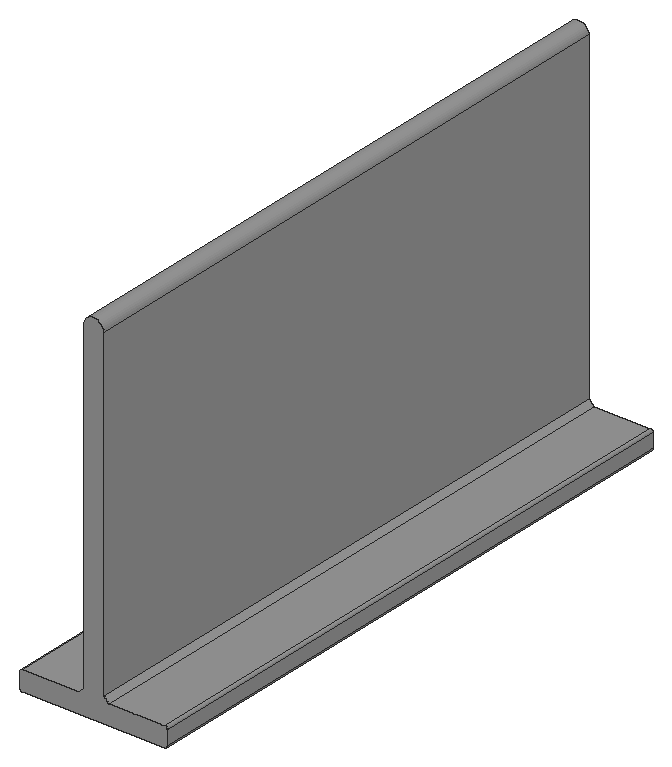
Revit family "ROTHOB_Rothoblaas_Plate_Alumini", category Structural Connections, host Face, Revit 2020 (continued)
Automatic sketch dimensions
  curve 370 to curve 369 = 0.00 mm
  curve 371 to curve 370 = 0.00 mm
  curve 372 to curve 371 = 0.00 mm
  curve 373 to curve 372 = 0.00 mm
  curve 373 to curve 361 = 7.50 mm
  curve 373 to curve 372 = 15.00 mm
  curve 361 to curve 360 = 15.00 mm
  curve 372 to curve 371 = 15.00 mm
  curve 360 to curve 359 = 15.00 mm
  curve 371 to curve 370 = 15.00 mm
  curve 359 to curve 358 = 15.00 mm
  curve 370 to curve 369 = 15.00 mm
  curve 358 to curve 357 = 15.00 mm
  curve 369 to curve 368 = 15.00 mm
  curve 357 to curve 356 = 15.00 mm
  curve 368 to curve 367 = 15.00 mm
  curve 356 to curve 355 = 15.00 mm
  curve 367 to curve 366 = 15.00 mm
  curve 355 to curve 354 = 15.00 mm
  curve 366 to curve 365 = 15.00 mm
  curve 354 to curve 353 = 15.00 mm
  curve 365 to curve 364 = 15.00 mm
  curve 353 to curve 352 = 15.00 mm
  curve 364 to curve 363 = 15.00 mm
  curve 352 to curve 351 = 15.00 mm
  curve 363 to curve 362 = 15.00 mm
  curve 183 to curve 182 = 0.00 mm
  curve 184 to curve 183 = 0.00 mm
  curve 185 to curve 184 = 0.00 mm
  curve 186 to curve 185 = 0.00 mm
  curve 187 to curve 186 = 0.00 mm
  curve 188 to curve 187 = 0.00 mm
  curve 189 to curve 188 = 0.00 mm
  curve 190 to curve 189 = 0.00 mm
  curve 191 to curve 190 = 0.00 mm
  curve 192 to curve 191 = 0.00 mm
  curve 192 to curve 191 = 15.00 mm
  curve 191 to curve 190 = 15.00 mm
  curve 190 to curve 189 = 15.00 mm
  curve 189 to curve 188 = 15.00 mm
  curve 188 to curve 187 = 15.00 mm
  curve 187 to curve 186 = 15.00 mm
  curve 186 to curve 185 = 15.00 mm
  curve 185 to curve 184 = 15.00 mm
  curve 184 to curve 183 = 15.00 mm
  curve 183 to curve 182 = 15.00 mm
  curve 194 to curve 193 = 0.00 mm
  curve 195 to curve 194 = 0.00 mm
  curve 196 to curve 195 = 0.00 mm
  curve 197 to curve 196 = 0.00 mm
  curve 198 to curve 197 = 0.00 mm
  curve 199 to curve 198 = 0.00 mm
  curve 200 to curve 199 = 0.00 mm
  curve 201 to curve 200 = 0.00 mm
  curve 202 to curve 201 = 0.00 mm
  curve 203 to curve 202 = 0.00 mm
  curve 204 to curve 203 = 0.00 mm
  curve 204 to curve 203 = 15.00 mm
  curve 203 to curve 202 = 15.00 mm
  curve 202 to curve 201 = 15.00 mm
  curve 201 to curve 200 = 15.00 mm
  curve 200 to curve 199 = 15.00 mm
  curve 199 to curve 198 = 15.00 mm
  curve 198 to curve 197 = 15.00 mm
  curve 197 to curve 196 = 15.00 mm
  curve 196 to curve 195 = 15.00 mm
  curve 195 to curve 194 = 15.00 mm
  curve 194 to curve 193 = 15.00 mm
  curve 375 to curve 374 = 0.00 mm
  curve 376 to curve 375 = 0.00 mm
  curve 377 to curve 376 = 0.00 mm
  curve 378 to curve 377 = 0.00 mm
  curve 379 to curve 378 = 0.00 mm
  curve 380 to curve 379 = 0.00 mm
  curve 381 to curve 380 = 0.00 mm
  curve 382 to curve 381 = 0.00 mm
  curve 383 to curve 382 = 0.00 mm
  curve 384 to curve 383 = 0.00 mm
  curve 374 to curve 385 = 25.00 mm
  curve 386 to curve 385 = 0.00 mm
  curve 387 to curve 386 = 0.00 mm
  curve 388 to curve 387 = 0.00 mm
  curve 389 to curve 388 = 0.00 mm
  curve 390 to curve 389 = 0.00 mm
  curve 391 to curve 390 = 0.00 mm
  curve 392 to curve 391 = 0.00 mm
  curve 393 to curve 392 = 0.00 mm
  curve 394 to curve 393 = 0.00 mm
  curve 395 to curve 394 = 0.00 mm
  curve 396 to curve 395 = 0.00 mm
  curve 396 to curve 384 = 7.50 mm
  curve 396 to curve 395 = 15.00 mm
  curve 384 to curve 383 = 15.00 mm
  curve 395 to curve 394 = 15.00 mm
  curve 383 to curve 382 = 15.00 mm
  curve 394 to curve 393 = 15.00 mm
  curve 382 to curve 381 = 15.00 mm
  curve 393 to curve 392 = 15.00 mm
  curve 381 to curve 380 = 15.00 mm
  curve 392 to curve 391 = 15.00 mm
  curve 380 to curve 379 = 15.00 mm
  curve 391 to curve 390 = 15.00 mm
  curve 379 to curve 378 = 15.00 mm
  curve 390 to curve 389 = 15.00 mm
  curve 378 to curve 377 = 15.00 mm
  curve 389 to curve 388 = 15.00 mm
  curve 377 to curve 376 = 15.00 mm
  curve 388 to curve 387 = 15.00 mm
  curve 376 to curve 375 = 15.00 mm
  curve 387 to curve 386 = 15.00 mm
  curve 375 to curve 374 = 15.00 mm
  curve 386 to curve 385 = 15.00 mm
  curve 129 to curve 128 = 0.00 mm
  curve 130 to curve 129 = 0.00 mm
  curve 131 to curve 130 = 0.00 mm
  curve 132 to curve 131 = 0.00 mm
  curve 133 to curve 132 = 0.00 mm
  curve 134 to curve 133 = 0.00 mm
  curve 135 to curve 134 = 0.00 mm
  curve 136 to curve 135 = 0.00 mm
  curve 137 to curve 136 = 0.00 mm
  curve 138 to curve 137 = 0.00 mm
  curve 139 to curve 138 = 0.00 mm
  curve 140 to curve 139 = 0.00 mm
  curve 140 to curve 139 = 15.00 mm
  curve 139 to curve 138 = 15.00 mm
  curve 138 to curve 137 = 15.00 mm
  curve 137 to curve 136 = 15.00 mm
  curve 136 to curve 135 = 15.00 mm
  curve 135 to curve 134 = 15.00 mm
  curve 134 to curve 133 = 15.00 mm
  curve 133 to curve 132 = 15.00 mm
  curve 132 to curve 131 = 15.00 mm
  curve 131 to curve 130 = 15.00 mm
  curve 130 to curve 129 = 15.00 mm
  curve 129 to curve 128 = 15.00 mm
  curve 142 to curve 141 = 0.00 mm
  curve 143 to curve 142 = 0.00 mm
  curve 144 to curve 143 = 0.00 mm
  curve 145 to curve 144 = 0.00 mm
  curve 146 to curve 145 = 0.00 mm
  curve 147 to curve 146 = 0.00 mm
  curve 148 to curve 147 = 0.00 mm
  curve 149 to curve 148 = 0.00 mm
  curve 150 to curve 149 = 0.00 mm
  curve 151 to curve 150 = 0.00 mm
  curve 152 to curve 151 = 0.00 mm
  curve 153 to curve 152 = 0.00 mm
  curve 154 to curve 153 = 0.00 mm
  curve 154 to curve 153 = 15.00 mm
  curve 153 to curve 152 = 15.00 mm
  curve 152 to curve 151 = 15.00 mm
  curve 151 to curve 150 = 15.00 mm
  curve 150 to curve 149 = 15.00 mm
  curve 149 to curve 148 = 15.00 mm
  curve 148 to curve 147 = 15.00 mm
  curve 147 to curve 146 = 15.00 mm
  curve 146 to curve 145 = 15.00 mm
  curve 145 to curve 144 = 15.00 mm
  curve 144 to curve 143 = 15.00 mm
  curve 143 to curve 142 = 15.00 mm
  curve 142 to curve 141 = 15.00 mm
  curve 398 to curve 397 = 0.00 mm
  curve 399 to curve 398 = 0.00 mm
  curve 400 to curve 399 = 0.00 mm
  curve 401 to curve 400 = 0.00 mm
  curve 402 to curve 401 = 0.00 mm
  curve 403 to curve 402 = 0.00 mm
  curve 404 to curve 403 = 0.00 mm
  curve 405 to curve 404 = 0.00 mm
  curve 406 to curve 405 = 0.00 mm
  curve 407 to curve 406 = 0.00 mm
  curve 408 to curve 407 = 0.00 mm
  curve 409 to curve 408 = 0.00 mm
  curve 397 to curve 410 = 25.00 mm
  curve 411 to curve 410 = 0.00 mm
  curve 412 to curve 411 = 0.00 mm
  curve 413 to curve 412 = 0.00 mm
  curve 414 to curve 413 = 0.00 mm
  curve 415 to curve 414 = 0.00 mm
  curve 416 to curve 415 = 0.00 mm
  curve 417 to curve 416 = 0.00 mm
  curve 418 to curve 417 = 0.00 mm
  curve 419 to curve 418 = 0.00 mm
  curve 420 to curve 419 = 0.00 mm
  curve 421 to curve 420 = 0.00 mm
  curve 422 to curve 421 = 0.00 mm
  curve 423 to curve 422 = 0.00 mm
  curve 423 to curve 409 = 7.50 mm
  curve 423 to curve 422 = 15.00 mm
  curve 409 to curve 408 = 15.00 mm
  curve 422 to curve 421 = 15.00 mm
  curve 408 to curve 407 = 15.00 mm
  curve 421 to curve 420 = 15.00 mm
  curve 407 to curve 406 = 15.00 mm
  curve 420 to curve 419 = 15.00 mm
  curve 406 to curve 405 = 15.00 mm
  curve 419 to curve 418 = 15.00 mm
  curve 405 to curve 404 = 15.00 mm
  curve 418 to curve 417 = 15.00 mm
  curve 404 to curve 403 = 15.00 mm
  curve 417 to curve 416 = 15.00 mm
  curve 403 to curve 402 = 15.00 mm
  curve 416 to curve 415 = 15.00 mm
  curve 402 to curve 401 = 15.00 mm
  curve 415 to curve 414 = 15.00 mm
  curve 401 to curve 400 = 15.00 mm
  curve 414 to curve 413 = 15.00 mm
  curve 400 to curve 399 = 15.00 mm
  curve 413 to curve 412 = 15.00 mm
  curve 399 to curve 398 = 15.00 mm
  curve 412 to curve 411 = 15.00 mm
  curve 398 to curve 397 = 15.00 mm
  curve 411 to curve 410 = 15.00 mm
  curve 156 to curve 155 = 0.00 mm
  curve 157 to curve 156 = 0.00 mm
  curve 158 to curve 157 = 0.00 mm
  curve 159 to curve 158 = 0.00 mm
  curve 160 to curve 159 = 0.00 mm
  curve 161 to curve 160 = 0.00 mm
  curve 162 to curve 161 = 0.00 mm
  curve 163 to curve 162 = 0.00 mm
  curve 164 to curve 163 = 0.00 mm
  curve 165 to curve 164 = 0.00 mm
  curve 166 to curve 165 = 0.00 mm
  curve 167 to curve 166 = 0.00 mm
  curve 167 to curve 166 = 15.00 mm
  curve 166 to curve 165 = 15.00 mm
  curve 165 to curve 164 = 15.00 mm
  curve 164 to curve 163 = 15.00 mm
  curve 163 to curve 162 = 15.00 mm
  curve 162 to curve 161 = 15.00 mm
  curve 161 to curve 160 = 15.00 mm
  curve 160 to curve 159 = 15.00 mm
  curve 159 to curve 158 = 15.00 mm
  curve 158 to curve 157 = 15.00 mm
  curve 157 to curve 156 = 15.00 mm
  curve 156 to curve 155 = 15.00 mm
  curve 169 to curve 168 = 0.00 mm
  curve 170 to curve 169 = 0.00 mm
  curve 171 to curve 170 = 0.00 mm
  curve 172 to curve 171 = 0.00 mm
  curve 173 to curve 172 = 0.00 mm
  curve 174 to curve 173 = 0.00 mm
  curve 175 to curve 174 = 0.00 mm
  curve 176 to curve 175 = 0.00 mm
  curve 177 to curve 176 = 0.00 mm
  curve 178 to curve 177 = 0.00 mm
  curve 179 to curve 178 = 0.00 mm
  curve 180 to curve 179 = 0.00 mm
  curve 181 to curve 180 = 0.00 mm
  curve 181 to curve 180 = 15.00 mm
  curve 180 to curve 179 = 15.00 mm
  curve 179 to curve 178 = 15.00 mm
  curve 178 to curve 177 = 15.00 mm
  curve 177 to curve 176 = 15.00 mm
  curve 176 to curve 175 = 15.00 mm
  curve 175 to curve 174 = 15.00 mm
  curve 174 to curve 173 = 15.00 mm
  curve 173 to curve 172 = 15.00 mm
  curve 172 to curve 171 = 15.00 mm
  curve 171 to curve 170 = 15.00 mm
  curve 170 to curve 169 = 15.00 mm
  curve 169 to curve 168 = 15.00 mm
  curve 425 to curve 424 = 0.00 mm
  curve 426 to curve 425 = 0.00 mm
  curve 427 to curve 426 = 0.00 mm
  curve 428 to curve 427 = 0.00 mm
  curve 429 to curve 428 = 0.00 mm
  curve 430 to curve 429 = 0.00 mm
  curve 431 to curve 430 = 0.00 mm
  curve 432 to curve 431 = 0.00 mm
  curve 433 to curve 432 = 0.00 mm
  curve 434 to curve 433 = 0.00 mm
  curve 435 to curve 434 = 0.00 mm
  curve 436 to curve 435 = 0.00 mm
  curve 424 to curve 437 = 25.00 mm
  curve 438 to curve 437 = 0.00 mm
  curve 439 to curve 438 = 0.00 mm
  curve 440 to curve 439 = 0.00 mm
  curve 441 to curve 440 = 0.00 mm
  curve 442 to curve 441 = 0.00 mm
  curve 443 to curve 442 = 0.00 mm
  curve 444 to curve 443 = 0.00 mm
  curve 445 to curve 444 = 0.00 mm
  curve 446 to curve 445 = 0.00 mm
  curve 447 to curve 446 = 0.00 mm
  curve 448 to curve 447 = 0.00 mm
  curve 449 to curve 448 = 0.00 mm
  curve 450 to curve 449 = 0.00 mm
  curve 450 to curve 436 = 7.50 mm
  curve 450 to curve 449 = 15.00 mm
  curve 436 to curve 435 = 15.00 mm
  curve 449 to curve 448 = 15.00 mm
  curve 435 to curve 434 = 15.00 mm
  curve 448 to curve 447 = 15.00 mm
  curve 434 to curve 433 = 15.00 mm
  curve 447 to curve 446 = 15.00 mm
  curve 433 to curve 432 = 15.00 mm
  curve 446 to curve 445 = 15.00 mm
  curve 432 to curve 431 = 15.00 mm
  curve 445 to curve 444 = 15.00 mm
  curve 431 to curve 430 = 15.00 mm
  curve 444 to curve 443 = 15.00 mm
  curve 430 to curve 429 = 15.00 mm
  curve 443 to curve 442 = 15.00 mm
  curve 429 to curve 428 = 15.00 mm
  curve 442 to curve 441 = 15.00 mm
  curve 428 to curve 427 = 15.00 mm
  curve 441 to curve 440 = 15.00 mm
  curve 427 to curve 426 = 15.00 mm
  curve 440 to curve 439 = 15.00 mm
  curve 426 to curve 425 = 15.00 mm
  curve 439 to curve 438 = 15.00 mm
  curve 425 to curve 424 = 15.00 mm
  curve 438 to curve 437 = 15.00 mm
  curve 240 to plane 10 = 0.00 mm
  curve 240 to plane 11 = 0.00 mm
  plane 8 to curve 240 = 0.006 mm
  curve 243 to Extrusion 1 = 0.00 mm  (x3)
  curve 242 to Extrusion 1 = 0.00 mm  (x2)
  Extrusion 1 to curve 242 = 0.00 mm
  curve 216 to Extrusion 1 = 0.00 mm
  curve 218 to Extrusion 1 = 0.00 mm  (x2)
  Extrusion 1 to curve 209 = 0.00 mm
  curve 207 to Extrusion 1 = 0.00 mm
  curve 215 to curve 216 = 0.80 mm
  curve 212 to curve 212 = 0.80 mm
  Extrusion 1 to curve 245 = 3.00 mm
  Extrusion 1 to curve 220 = 0.00 mm
  curve 230 to Extrusion 1 = 0.00 mm  (x3)
  curve 220 to Extrusion 1 = 0.00 mm
  curve 224 to Extrusion 1 = 0.80 mm
  curve 228 to curve 227 = 0.80 mm
  curve 244 to curve 232 = 0.00 mm
  curve 246 to plane 3 "Centro (Sinistra/Destra)" = 0.00 mm
  curve 246 to plane 10 = 0.00 mm
  curve 234 to plane 10 = 0.00 mm
  curve 233 to plane 10 = 0.00 mm
  plane 11 to curve 246 = 0.00 mm
  plane 11 to curve 234 = 0.00 mm
  plane 11 to curve 233 = 0.00 mm
  curve 236 to Extrusion 1 = 0.00 mm  (x2)
  Extrusion 1 to curve 235 = 0.00 mm
  curve 235 to Extrusion 1 = 0.00 mm
  curve 238 to Extrusion 1 = 0.00 mm
  curve 237 to Extrusion 1 = 0.00 mm  (x2)
  Extrusion 1 to curve 238 = 0.00 mm
  curve 239 to Extrusion 1 = 0.00 mm  (x3)
  curve 241 to Extrusion 1 = 0.00 mm  (x3)
  radius of curve 1 = 3.50 mm
  radius of curve 3 = 3.50 mm
  radius of curve 4 = 3.50 mm
  radius of curve 2 = 3.50 mm
  radius of curve 5 = 3.50 mm
  radius of curve 6 = 3.50 mm
  radius of curve 7 = 3.50 mm
  radius of curve 247 = 3.50 mm
  radius of curve 248 = 3.50 mm
  radius of curve 249 = 3.50 mm
  radius of curve 250 = 3.50 mm
  radius of curve 251 = 3.50 mm
  radius of curve 252 = 3.50 mm
  radius of curve 253 = 3.50 mm
  radius of curve 8 = 3.50 mm
  radius of curve 10 = 3.50 mm
  radius of curve 11 = 3.50 mm
  radius of curve 9 = 3.50 mm
  radius of curve 12 = 3.50 mm
  radius of curve 13 = 3.50 mm
  radius of curve 14 = 3.50 mm
  radius of curve 254 = 3.50 mm
  radius of curve 255 = 3.50 mm
  radius of curve 256 = 3.50 mm
  radius of curve 257 = 3.50 mm
  radius of curve 258 = 3.50 mm
  radius of curve 259 = 3.50 mm
  radius of curve 260 = 3.50 mm
  radius of curve 15 = 3.50 mm
  radius of curve 16 = 3.50 mm
  radius of curve 17 = 3.50 mm
  radius of curve 18 = 3.50 mm
  radius of curve 19 = 3.50 mm
  radius of curve 20 = 3.50 mm
  radius of curve 21 = 3.50 mm
  radius of curve 22 = 3.50 mm
  radius of curve 23 = 3.50 mm
  radius of curve 24 = 3.50 mm
  radius of curve 25 = 3.50 mm
  radius of curve 261 = 3.50 mm
  radius of curve 262 = 3.50 mm
  radius of curve 263 = 3.50 mm
  radius of curve 264 = 3.50 mm
  radius of curve 265 = 3.50 mm
  radius of curve 266 = 3.50 mm
  radius of curve 267 = 3.50 mm
  radius of curve 268 = 3.50 mm
  radius of curve 269 = 3.50 mm
  radius of curve 270 = 3.50 mm
  radius of curve 271 = 3.50 mm
  radius of curve 26 = 3.50 mm
  radius of curve 27 = 3.50 mm
  radius of curve 28 = 3.50 mm
  radius of curve 29 = 3.50 mm
  radius of curve 30 = 3.50 mm
  radius of curve 31 = 3.50 mm
  radius of curve 32 = 3.50 mm
  radius of curve 33 = 3.50 mm
  radius of curve 34 = 3.50 mm
  radius of curve 35 = 3.50 mm
  radius of curve 36 = 3.50 mm
  radius of curve 272 = 3.50 mm
  radius of curve 273 = 3.50 mm
  radius of curve 274 = 3.50 mm
  radius of curve 275 = 3.50 mm
  radius of curve 276 = 3.50 mm
  radius of curve 277 = 3.50 mm
  radius of curve 278 = 3.50 mm
  radius of curve 279 = 3.50 mm
  radius of curve 280 = 3.50 mm
  radius of curve 281 = 3.50 mm
  radius of curve 282 = 3.50 mm
  radius of curve 37 = 3.50 mm
  radius of curve 38 = 3.50 mm
  radius of curve 39 = 3.50 mm
  radius of curve 40 = 3.50 mm
  radius of curve 41 = 3.50 mm
  radius of curve 42 = 3.50 mm
  radius of curve 43 = 3.50 mm
  radius of curve 44 = 3.50 mm
  radius of curve 45 = 3.50 mm
  radius of curve 46 = 3.50 mm
  radius of curve 47 = 3.50 mm
  radius of curve 48 = 3.50 mm
  radius of curve 49 = 3.50 mm
  radius of curve 50 = 3.50 mm
  radius of curve 51 = 3.50 mm
  radius of curve 283 = 3.50 mm
  radius of curve 284 = 3.50 mm
  radius of curve 285 = 3.50 mm
  radius of curve 286 = 3.50 mm
  radius of curve 287 = 3.50 mm
  radius of curve 288 = 3.50 mm
  radius of curve 289 = 3.50 mm
  radius of curve 290 = 3.50 mm
  radius of curve 291 = 3.50 mm
  radius of curve 292 = 3.50 mm
  radius of curve 293 = 3.50 mm
  radius of curve 294 = 3.50 mm
  radius of curve 295 = 3.50 mm
  radius of curve 296 = 3.50 mm
  radius of curve 297 = 3.50 mm
  radius of curve 52 = 3.50 mm
  radius of curve 53 = 3.50 mm
  radius of curve 54 = 3.50 mm
  radius of curve 55 = 3.50 mm
  radius of curve 56 = 3.50 mm
  radius of curve 57 = 3.50 mm
  radius of curve 58 = 3.50 mm
  radius of curve 59 = 3.50 mm
  radius of curve 60 = 3.50 mm
  radius of curve 61 = 3.50 mm
  radius of curve 62 = 3.50 mm
  radius of curve 63 = 3.50 mm
  radius of curve 64 = 3.50 mm
  radius of curve 65 = 3.50 mm
  radius of curve 66 = 3.50 mm
  radius of curve 298 = 3.50 mm
  radius of curve 299 = 3.50 mm
  radius of curve 300 = 3.50 mm
  radius of curve 301 = 3.50 mm
  radius of curve 302 = 3.50 mm
  radius of curve 303 = 3.50 mm
  radius of curve 304 = 3.50 mm
  radius of curve 305 = 3.50 mm
  radius of curve 306 = 3.50 mm
  radius of curve 307 = 3.50 mm
  radius of curve 308 = 3.50 mm
  radius of curve 309 = 3.50 mm
  radius of curve 310 = 3.50 mm
  radius of curve 311 = 3.50 mm
  radius of curve 312 = 3.50 mm
  radius of curve 67 = 3.50 mm
  radius of curve 68 = 3.50 mm
  radius of curve 69 = 3.50 mm
  radius of curve 70 = 3.50 mm
  radius of curve 71 = 3.50 mm
  radius of curve 72 = 3.50 mm
  radius of curve 73 = 3.50 mm
  radius of curve 74 = 3.50 mm
  radius of curve 75 = 3.50 mm
  radius of curve 76 = 3.50 mm
  radius of curve 77 = 3.50 mm
  radius of curve 78 = 3.50 mm
  radius of curve 79 = 3.50 mm
  radius of curve 80 = 3.50 mm
  radius of curve 81 = 3.50 mm
  radius of curve 82 = 3.50 mm
  radius of curve 83 = 3.50 mm
  radius of curve 84 = 3.50 mm
  radius of curve 85 = 3.50 mm
  radius of curve 313 = 3.50 mm
  radius of curve 314 = 3.50 mm
  radius of curve 315 = 3.50 mm
  radius of curve 316 = 3.50 mm
  radius of curve 317 = 3.50 mm
  radius of curve 318 = 3.50 mm
  radius of curve 319 = 3.50 mm
  radius of curve 320 = 3.50 mm
  radius of curve 321 = 3.50 mm
  radius of curve 322 = 3.50 mm
  radius of curve 323 = 3.50 mm
  radius of curve 324 = 3.50 mm
  radius of curve 325 = 3.50 mm
  radius of curve 326 = 3.50 mm
  radius of curve 327 = 3.50 mm
  radius of curve 328 = 3.50 mm
  radius of curve 329 = 3.50 mm
  radius of curve 330 = 3.50 mm
  radius of curve 331 = 3.50 mm
  radius of curve 86 = 3.50 mm
  radius of curve 87 = 3.50 mm
  radius of curve 88 = 3.50 mm
  radius of curve 89 = 3.50 mm
  radius of curve 90 = 3.50 mm
  radius of curve 91 = 3.50 mm
  radius of curve 92 = 3.50 mm
  radius of curve 93 = 3.50 mm
  radius of curve 94 = 3.50 mm
  radius of curve 95 = 3.50 mm
  radius of curve 96 = 3.50 mm
  radius of curve 97 = 3.50 mm
  radius of curve 98 = 3.50 mm
  radius of curve 99 = 3.50 mm
  radius of curve 100 = 3.50 mm
  radius of curve 101 = 3.50 mm
  radius of curve 102 = 3.50 mm
  radius of curve 103 = 3.50 mm
  radius of curve 104 = 3.50 mm
  radius of curve 332 = 3.50 mm
  radius of curve 333 = 3.50 mm
  radius of curve 334 = 3.50 mm
  radius of curve 335 = 3.50 mm
  radius of curve 336 = 3.50 mm
  radius of curve 337 = 3.50 mm
  radius of curve 338 = 3.50 mm
  radius of curve 339 = 3.50 mm
  radius of curve 340 = 3.50 mm
  radius of curve 341 = 3.50 mm
  radius of curve 342 = 3.50 mm
  radius of curve 343 = 3.50 mm
  radius of curve 344 = 3.50 mm
  radius of curve 345 = 3.50 mm
  radius of curve 346 = 3.50 mm
  radius of curve 347 = 3.50 mm
  radius of curve 348 = 3.50 mm
  radius of curve 349 = 3.50 mm
  radius of curve 350 = 3.50 mm
  radius of curve 105 = 3.50 mm
  radius of curve 106 = 3.50 mm
  radius of curve 107 = 3.50 mm
  radius of curve 108 = 3.50 mm
  radius of curve 109 = 3.50 mm
  radius of curve 110 = 3.50 mm
  radius of curve 111 = 3.50 mm
  radius of curve 112 = 3.50 mm
  radius of curve 113 = 3.50 mm
  radius of curve 114 = 3.50 mm
  radius of curve 115 = 3.50 mm
  radius of curve 116 = 3.50 mm
  radius of curve 117 = 3.50 mm
  radius of curve 118 = 3.50 mm
  radius of curve 119 = 3.50 mm
  radius of curve 120 = 3.50 mm
  radius of curve 121 = 3.50 mm
  radius of curve 122 = 3.50 mm
  radius of curve 123 = 3.50 mm
  radius of curve 124 = 3.50 mm
  radius of curve 125 = 3.50 mm
  radius of curve 126 = 3.50 mm
  radius of curve 127 = 3.50 mm
  radius of curve 351 = 3.50 mm
  radius of curve 352 = 3.50 mm
  radius of curve 353 = 3.50 mm
  radius of curve 354 = 3.50 mm
  radius of curve 355 = 3.50 mm
  radius of curve 356 = 3.50 mm
  radius of curve 357 = 3.50 mm
  radius of curve 358 = 3.50 mm
  radius of curve 359 = 3.50 mm
  radius of curve 360 = 3.50 mm
  radius of curve 361 = 3.50 mm
  radius of curve 362 = 3.50 mm
  radius of curve 363 = 3.50 mm
  radius of curve 364 = 3.50 mm
  radius of curve 365 = 3.50 mm
  radius of curve 366 = 3.50 mm
  radius of curve 367 = 3.50 mm
  radius of curve 368 = 3.50 mm
  radius of curve 369 = 3.50 mm
  radius of curve 370 = 3.50 mm
  radius of curve 371 = 3.50 mm
  radius of curve 372 = 3.50 mm
  radius of curve 373 = 3.50 mm
  radius of curve 182 = 3.50 mm
  radius of curve 183 = 3.50 mm
  radius of curve 184 = 3.50 mm
  radius of curve 185 = 3.50 mm
  radius of curve 186 = 3.50 mm
  radius of curve 187 = 3.50 mm
  radius of curve 188 = 3.50 mm
  radius of curve 189 = 3.50 mm
  radius of curve 190 = 3.50 mm
  radius of curve 191 = 3.50 mm
  radius of curve 192 = 3.50 mm
  radius of curve 193 = 3.50 mm
  radius of curve 194 = 3.50 mm
  radius of curve 195 = 3.50 mm
  radius of curve 196 = 3.50 mm
  radius of curve 197 = 3.50 mm
  radius of curve 198 = 3.50 mm
  radius of curve 199 = 3.50 mm
  radius of curve 200 = 3.50 mm
  radius of curve 201 = 3.50 mm
  radius of curve 202 = 3.50 mm
  radius of curve 203 = 3.50 mm
  radius of curve 204 = 3.50 mm
  radius of curve 374 = 3.50 mm
  radius of curve 375 = 3.50 mm
  radius of curve 376 = 3.50 mm
  radius of curve 377 = 3.50 mm
  radius of curve 378 = 3.50 mm
  radius of curve 379 = 3.50 mm
  radius of curve 380 = 3.50 mm
  radius of curve 381 = 3.50 mm
  radius of curve 382 = 3.50 mm
  radius of curve 383 = 3.50 mm
  radius of curve 384 = 3.50 mm
  radius of curve 385 = 3.50 mm
  radius of curve 386 = 3.50 mm
  radius of curve 387 = 3.50 mm
  radius of curve 388 = 3.50 mm
  radius of curve 389 = 3.50 mm
  radius of curve 390 = 3.50 mm
  radius of curve 391 = 3.50 mm
  radius of curve 392 = 3.50 mm
  radius of curve 393 = 3.50 mm
  radius of curve 394 = 3.50 mm
  radius of curve 395 = 3.50 mm
  radius of curve 396 = 3.50 mm
  radius of curve 128 = 3.50 mm
  radius of curve 129 = 3.50 mm
  radius of curve 130 = 3.50 mm
  radius of curve 131 = 3.50 mm
  radius of curve 132 = 3.50 mm
  radius of curve 133 = 3.50 mm
  radius of curve 134 = 3.50 mm
  radius of curve 135 = 3.50 mm
  radius of curve 136 = 3.50 mm
  radius of curve 137 = 3.50 mm
  radius of curve 138 = 3.50 mm
  radius of curve 139 = 3.50 mm
  radius of curve 140 = 3.50 mm
  radius of curve 141 = 3.50 mm
  radius of curve 142 = 3.50 mm
  radius of curve 143 = 3.50 mm
  radius of curve 144 = 3.50 mm
  radius of curve 145 = 3.50 mm
  radius of curve 146 = 3.50 mm
  radius of curve 147 = 3.50 mm
  radius of curve 148 = 3.50 mm
  radius of curve 149 = 3.50 mm
  radius of curve 150 = 3.50 mm
  radius of curve 151 = 3.50 mm
  radius of curve 152 = 3.50 mm
  radius of curve 153 = 3.50 mm
  radius of curve 154 = 3.50 mm
  radius of curve 397 = 3.50 mm
  radius of curve 398 = 3.50 mm
  radius of curve 399 = 3.50 mm
  radius of curve 400 = 3.50 mm
  radius of curve 401 = 3.50 mm
  radius of curve 402 = 3.50 mm
  radius of curve 403 = 3.50 mm
  radius of curve 404 = 3.50 mm
  radius of curve 405 = 3.50 mm
  radius of curve 406 = 3.50 mm
  radius of curve 407 = 3.50 mm
  radius of curve 408 = 3.50 mm
  radius of curve 409 = 3.50 mm
  radius of curve 410 = 3.50 mm
  radius of curve 411 = 3.50 mm
  radius of curve 412 = 3.50 mm
  radius of curve 413 = 3.50 mm
  radius of curve 414 = 3.50 mm
  radius of curve 415 = 3.50 mm
  radius of curve 416 = 3.50 mm
  radius of curve 417 = 3.50 mm
  radius of curve 418 = 3.50 mm
  radius of curve 419 = 3.50 mm
  radius of curve 420 = 3.50 mm
  radius of curve 421 = 3.50 mm
  radius of curve 422 = 3.50 mm
  radius of curve 423 = 3.50 mm
  radius of curve 155 = 3.50 mm
  radius of curve 156 = 3.50 mm
  radius of curve 157 = 3.50 mm
  radius of curve 158 = 3.50 mm
  radius of curve 159 = 3.50 mm
  radius of curve 160 = 3.50 mm
  radius of curve 161 = 3.50 mm
  radius of curve 162 = 3.50 mm
  radius of curve 163 = 3.50 mm
  radius of curve 164 = 3.50 mm
  radius of curve 165 = 3.50 mm
  radius of curve 166 = 3.50 mm
  radius of curve 167 = 3.50 mm
  radius of curve 168 = 3.50 mm
  radius of curve 169 = 3.50 mm
  radius of curve 170 = 3.50 mm
  radius of curve 171 = 3.50 mm
  radius of curve 172 = 3.50 mm
  radius of curve 173 = 3.50 mm
  radius of curve 174 = 3.50 mm
  radius of curve 175 = 3.50 mm
  radius of curve 176 = 3.50 mm
  radius of curve 177 = 3.50 mm
  radius of curve 178 = 3.50 mm
  radius of curve 179 = 3.50 mm
  radius of curve 180 = 3.50 mm
  radius of curve 181 = 3.50 mm
  radius of curve 424 = 3.50 mm
  radius of curve 425 = 3.50 mm
  radius of curve 426 = 3.50 mm
  radius of curve 427 = 3.50 mm
  radius of curve 428 = 3.50 mm
  radius of curve 429 = 3.50 mm
  radius of curve 430 = 3.50 mm
  radius of curve 431 = 3.50 mm
  radius of curve 432 = 3.50 mm
  radius of curve 433 = 3.50 mm
  radius of curve 434 = 3.50 mm
  radius of curve 435 = 3.50 mm
  radius of curve 436 = 3.50 mm
  radius of curve 437 = 3.50 mm
  radius of curve 438 = 3.50 mm
  radius of curve 439 = 3.50 mm
  radius of curve 440 = 3.50 mm
  radius of curve 441 = 3.50 mm
  radius of curve 442 = 3.50 mm
  radius of curve 443 = 3.50 mm
  radius of curve 444 = 3.50 mm
  radius of curve 445 = 3.50 mm
  radius of curve 446 = 3.50 mm
  radius of curve 447 = 3.50 mm
  radius of curve 448 = 3.50 mm
  radius of curve 449 = 3.50 mm
  radius of curve 450 = 3.50 mm
  radius of curve 210 to Extrusion 1 = 0.00 mm
  radius of curve 214 to Extrusion 1 = 0.00 mm
  radius of curve 222 to Extrusion 1 = 0.00 mm
  radius of curve 226 to Extrusion 1 = 0.00 mm
  radius of curve 232 to Extrusion 1 = 0.00 mm
Types (7, lengths in mm): name | Size | NominalHeight | Height_H | ModelNumber | MinWeight | HasHole_ALUMINI95 | HasHole_ALUMINI65 | HasHole_ALUMINI215 | HasHole_ALUMINI185 | HasHole_ALUMINI155 | HasHole_ALUMINI125
  (no name) | "185x45x109.90 mm" | 185.00 | 185.00 | "ALUMINI185" | "0.416 kg" | no | no | no | yes | no | no
  ALUMINI65_065x45x109.90mm | "65x45x109.90 mm" | 65.00 | 65.00 | "ALUMINI65" | "0.149 kg" | no | yes | no | no | no | no
  ALUMINI95_095x45x109.90mm | "95x45x109.90 mm" | 95.00 | 95.00 | "ALUMINI95" | "0.214 kg" | yes | no | no | no | no | no
  ALUMINI125_125x45x109.90mm | "125x45x109.90 mm" | 125.00 | 125.00 | "ALUMINI125" | "0.286 kg" | no | no | no | no | no | yes
  ALUMINI155_155x45x109.90mm | "155x45x109.90 mm" | 155.00 | 155.00 | "ALUMINI155" | "0.350 kg" | no | no | no | no | yes | no
  ALUMINI185_185x45x109.90mm | "185x45x109.90 mm" | 185.00 | 185.00 | "ALUMINI185" | "0.416 kg" | no | no | no | yes | no | no
  ALUMINI215_215x45x109.90mm | "215x45x109.90 mm" | 215.00 | 215.00 | "ALUMINI215" | "0.416 kg" | no | no | yes | no | no | no
